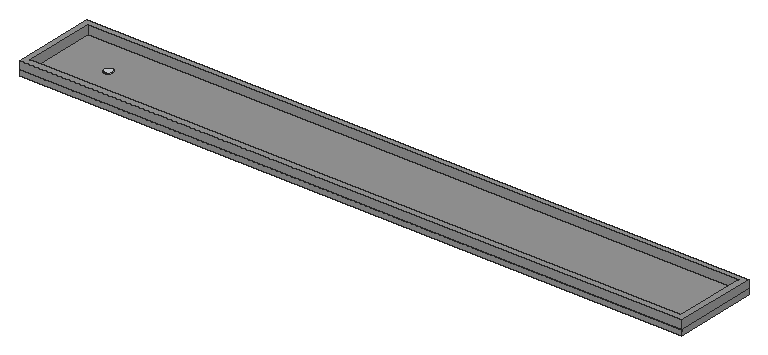
Revit family "Mini Golf Lane", category Generic Models, Revit 2025
Family settings
  Can host rebar = No
  Round Connector Dimension = Use Diameter
  Part Type = Normal
  Work Plane-Based = No
  Always vertical = Yes
  Cut with Voids When Loaded = No
  Maintain Annotation Orientation = No
  Shared = No
  Room Calculation Point = No
Parameters
  Default Elevation = 0 mm
Reference planes
  plane 1 "Center (Front/Back)": y = 0
  plane 2: z = 0
  plane 3 "Center (Left/Right)": x = 0
Forms (mm)
  Extrusion 1, solid, material "Grass"
    sketch origin (0, -200, 0) x (1, 0, 0) y (0, 1, 0)
      loop
        line (0, 200) -> (0, -1300) -> (12000, -1300) -> (12000, 200) -> (0, 200)
    from 0 to 100
  Extrusion 2, solid, material "Exposed Masonry(1)"
    sketch origin (0, 0, 0) x (1, 0, 0) y (0, 1, 0)
      loop
        line (0, 0) -> (0, -1500) -> (12000, -1500) -> (12000, 0) -> (0, 0)
      loop
        line (100, -100) -> (100, -1400) -> (11900, -1400) -> (11900, -100) -> (100, -100)
    from 0 to 250
  Extrusion 3, void
    sketch origin (0, 0, 0) x (1, 0, 0) y (0, 1, 0)
      loop
        circle (10900, -750) r 54
    from 0 to 105
  Extrusion 4, solid
    sketch origin (0, 0, 0) x (1, 0, 0) y (0, 1, 0)
      loop
        circle (1000, -750) r 75
    from 100 to 105
Dimensions and locks
  aligned and locked: level to plane 2
